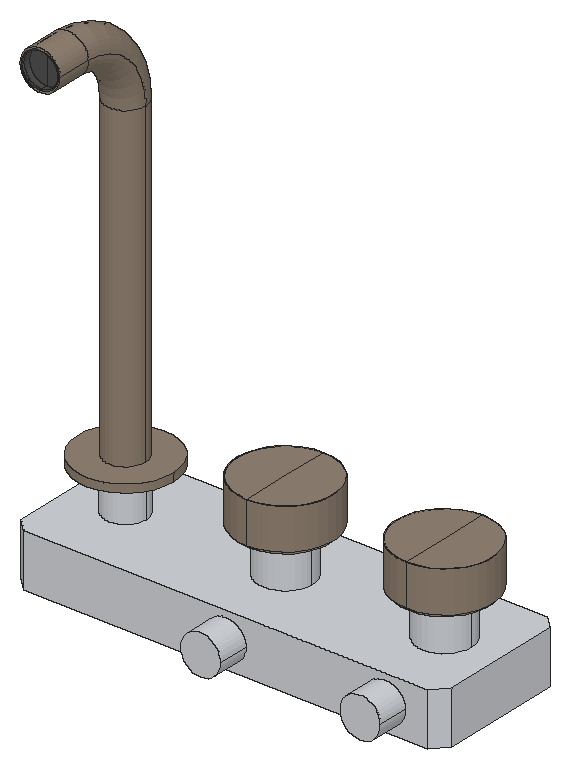
Revit family "Reece_Tap_Milli_Pure_Basin Tap Hostess System_250 mm_Cirque Texture", category Plumbing Fixtures, host Face, Revit 2018
Family settings
  Host = Face
  Round Connector Dimension = Use Diameter
  Part Type = Normal
  Cut with Voids When Loaded = No
  Shared = Yes
  Room Calculation Point = Yes
Parameters (values of type "PVD Brushed Bronze")
  WFU = 0  # constant formula
  URL = "https://www.reece.com.au/product/-9511066"
  Type Comments = "Tap"
  Reece_Tap_Reach = 250 mm  # constant formula
  Reece_Tap_Inlet = 15 mm  # constant formula
  Reece_Product_Web Page = "https://www.reece.com.au/product/-9511066"
  Reece_Product_Type = "Tap"  # constant formula
  Reece_Product_Sub Brand = "Pure"  # constant formula
  Reece_Product_Number = "9511066"
  Reece_Product_Mount = "Wall Mounted"
  Reece_Product_Description = "Milli Pure Wall Basin Hostess System 250mm Right Hand with Cirque Textured Handles PVD Brushed Bronze (3 Star)"
  Reece_Product_Brand = "Milli"  # constant formula
  Reece_Overall_Length = 262.5 mm  # constant formula
  Reece_Material_Secondary = Reece_PVD_Brushed Bronze_Cirque Pattern
  Reece_Material_Main = Reece_PVD_Brushed Bronze
  Reece_Detail_Tap_Handle Texture = "Cirque Texture\r\n"  # constant formula
  Reece_Detail_Installation = ""
  Reece_Detail_Disclaimer = "THIS FILE IS THE PROPERTY OF THE REECE GROUP. IT MAY NOT BE REPRODUCED, REVERSE-ENGINEERED OR MODIFIED. ANY REPUBLICATION, TRANSMISSION OR DISTRIBUTION FOR THE PURPOSE OF COMMERCIALLY EXPLOITING THE FILES IS PROHIBITED."  # constant formula
  Reece_Detail_Connector = ""
  Reece_Detail_Additional = "Basin Tap Hostess System\r\n"  # constant formula
  Reece_3D Texture = no
  Reece_3D Simplified Geometry = not(Reece_3D Texture)  # yes
  Model = "Pure"
  Manufacturer = "Milli"
  Keynote = "Product #9511066, Reece_Tap_Milli_Pure_Basin Tap Hostess System_250 mm_Cirque Texture - PVD Brushed Bronze"
  HWFU = 0  # constant formula
  Disclaimer = "THIS FILE IS THE PROPERTY OF THE REECE GROUP. IT MAY NOT BE REPRODUCED, REVERSE-ENGINEERED OR MODIFIED. ANY REPUBLICATION, TRANSMISSION OR DISTRIBUTION FOR THE PURPOSE OF COMMERCIALLY EXPLOITING THE FILES IS PROHIBITED."  # constant formula
  Description = "Milli Pure Wall Basin Hostess System 250mm Right Hand with Cirque Textured Handles PVD Brushed Bronze (3 Star)"
  Default Elevation = 1000 mm
  CWFU = 0  # constant formula
Types (6, lengths in mm): name | URL | Reece_Product_Web Page | Reece_Product_Number | Reece_Product_Description | Reece_Material_Secondary | Reece_Material_Main | Keynote | Description
  Brushed Gunmetal | "https://www.reece.com.au/product/-2224880" | "https://www.reece.com.au/product/-2224880" | "2224880" | "Milli Pure Wall Basin Hostess System 250mm Right Hand with Cirque Textured Handles Brushed Gunmetal (3 star)" | Reece_Brass_Brushed Gunmetal_Cirque Pattern | Reece_Brass_Brushed Gunmetal | "Product #2224880, Reece_Tap_Milli_Pure_Basin Tap Hostess System_250 mm_Cirque Texture - Brushed Gunmetal" | "Milli Pure Wall Basin Hostess System 250mm Right Hand with Cirque Textured Handles Brushed Gunmetal (3 star)"
  Chrome | "https://www.reece.com.au/product/-2224878" | "https://www.reece.com.au/product/-2224878" | "2224878" | "Milli Pure Wall Basin Hostess System 250mm Right Hand with Cirque Textured Handles Chrome (3 star)" | Reece_Brass_Chrome_Cirque Pattern | Reece_Brass_Chrome | "Product #2224878, Reece_Tap_Milli_Pure_Basin Tap Hostess System_250 mm_Cirque Texture - Chrome" | "Milli Pure Wall Basin Hostess System 250mm Right Hand with Cirque Textured Handles Chrome (3 star)"
  Matte Black | "https://www.reece.com.au/product/-2224881" | "https://www.reece.com.au/product/-2224881" | "2224881" | "Milli Pure Wall Basin Hostess System 250mm Right Hand with Cirque Textured Handles Matte Black (3 star)" | Reece_Brass_Matte Black_Cirque Pattern | Reece_Brass_Matte Black | "Product #2224881, Reece_Tap_Milli_Pure_Basin Tap Hostess System_250 mm_Cirque Texture - Matte Black" | "Milli Pure Wall Basin Hostess System 250mm Right Hand with Cirque Textured Handles Matte Black (3 star)"
  Brushed Nickel | "https://www.reece.com.au/product/-2224879" | "https://www.reece.com.au/product/-2224879" | "2224879" | "Milli Pure Wall Basin Hostess System 250mm Right Hand with Cirque Textured Handles Brushed Nickel (3 star)" | Reece_Brass_Brushed Nickel_Cirque Pattern | Reece_Brass_Brushed Nickel | "Product #2224879, Reece_Tap_Milli_Pure_Basin Tap Hostess System_250 mm_Cirque Texture - Brushed Nickel" | "Milli Pure Wall Basin Hostess System 250mm Right Hand with Cirque Textured Handles Brushed Nickel (3 star)"
  PVD Brushed Bronze | "https://www.reece.com.au/product/-9511066" | "https://www.reece.com.au/product/-9511066" | "9511066" | "Milli Pure Wall Basin Hostess System 250mm Right Hand with Cirque Textured Handles PVD Brushed Bronze (3 Star)" | Reece_PVD_Brushed Bronze_Cirque Pattern | Reece_PVD_Brushed Bronze | "Product #9511066, Reece_Tap_Milli_Pure_Basin Tap Hostess System_250 mm_Cirque Texture - PVD Brushed Bronze" | "Milli Pure Wall Basin Hostess System 250mm Right Hand with Cirque Textured Handles PVD Brushed Bronze (3 Star)"
  PVD Brushed Gold | "https://www.reece.com.au/product/-9510881" | "https://www.reece.com.au/product/-9510881" | "9510881" | "Milli Pure Wall Basin Hostess System 250mm Right Hand with Cirque Textured Handles PVD Brushed Gold (3 Star)" | Reece_PVD_Brushed Gold_Cirque Pattern | Reece_PVD_Brushed Gold | "Product #9510881, Reece_Tap_Milli_Pure_Basin Tap Hostess System_250 mm_Cirque Texture - PVD Brushed Gold" | "Milli Pure Wall Basin Hostess System 250mm Right Hand with Cirque Textured Handles PVD Brushed Gold (3 Star)"
Reference planes
  plane 1 "Center (Front/Back)": y = 0
  plane 2 "Bottom": z = 0
  plane 3 "Center (Left/Right)": x = 0
  plane 4 "Top": z = 262.5
  plane 5: z = 250
  plane 6: y = -67
  plane 7: x = -100
  plane 8: x = 100
Forms (mm)
  Extrusion 1, solid, material "Reece_PVD_Brushed Bronze" <- "Reece_Material_Main"
    sketch origin (-50, 0, 0) x (1, 0, 0) y (0, 1, 0)
      loop
        circle (-50, 0) r 30
    from 0 to 5
  Sweep 2, solid, material "Reece_PVD_Brushed Bronze" <- "Reece_Material_Main"
    path origin (0, 0, 0) x (0, 1, 0) y (0, 0, 1)
      loop
        line (-67, 250) -> (-45, 250)
        arc (-45, 250) -> (-13.18, 236.82) -> (0, 205) r 45
        line (0, 205) -> (0, 0)
    profile origin (0, 0, 102.5) x (1, 0, 0) y (0, 1, 0)
      loop
        circle (-100, 0) r 12.5
      loop
        circle (-100, 0) r 11.5
  Revolve 3, solid, material "Reece_Brass_Matte Black"
    sketch origin (-100, -183.21, 118.488) x (0, 0.572951, -0.81959) y (0, 0.81959, 0.572951)
      loop
        line (-38.39, 174.619) -> (-37.119, 176.437) -> (-46.38, 182.911) -> (-50.465, 177.068) -> (-49.461, 177.508) -> (-47.184, 180.766) -> (-38.39, 174.619)
      axis (-37.119, 176.437) -> (-41.203, 170.594)
    angle from 0 to 360
  Extrusion 4, solid
    sketch origin (-50, 0, 0) x (1, 0, 0) y (0, 1, 0)
      loop
        circle (50, 0) r 17
    from 0 to -27
  Extrusion 5, solid
    sketch origin (0, 0, 0) x (1, 0, 0) y (0, 1, 0)
      loop
        line (-126.853, 46.5) -> (-135, 38.353) -> (-135, -38.353) -> (-126.853, -46.5) -> (126.853, -46.5) -> (135, -38.353) -> (135, 38.353) -> (126.853, 46.5) -> (-126.853, 46.5)
    from -60 to -27
  Extrusion 6, solid
    sketch origin (-150, 0, 0) x (1, 0, 0) y (0, 1, 0)
      loop
        circle (50, 0) r 13
    from 0 to -27
  Extrusion 7, solid
    sketch origin (50, 0, -3.5) x (-1, 0, 0) y (0, 0, 1)
      loop
        circle (50, -40) r 12.5
    from -66.119 to -46.5
  Extrusion 8, solid
    sketch origin (150, 0, -3.5) x (-1, 0, 0) y (0, 0, 1)
      loop
        circle (50, -40) r 12.5
    from -66.119 to -46.5
  Extrusion 9, void
    sketch origin (-150, 0, 0) x (1, 0, 0) y (0, 1, 0)
      loop
        circle (50, 0) r 17
    from 0 to -30
  Extrusion 10, void
    sketch origin (50, 0, 0) x (-1, 0, 0) y (0, -1, 0)
      loop
        circle (50, 0) r 20
    from 0 to -27
  Extrusion 11, void
    sketch origin (150, 0, 0) x (-1, 0, 0) y (0, -1, 0)
      loop
        circle (50, 0) r 20
    from 0 to -27
  Extrusion 12, solid
    sketch origin (50, 0, 0) x (1, 0, 0) y (0, 1, 0)
      loop
        circle (50, 0) r 17
    from 0 to -27
Cuts and joins
  Extrusion 10 cuts Extrusion 1
  Extrusion 10 cuts Sweep 2
  joined: Extrusion 1, Sweep 2
  Extrusion 11 cuts Extrusion 4
  Extrusion 11 cuts Extrusion 5
  Extrusion 10, Extrusion 11 cuts Extrusion 6
  Extrusion 10, Extrusion 11 cuts Extrusion 7
  Extrusion 10, Extrusion 11 cuts Extrusion 8
  joined: Extrusion 4, Extrusion 5, Extrusion 6, Extrusion 7, Extrusion 8
Text (mm)
  text "Reece Copyright © 2018, Reece Ltd." at (-1073.432, -156.182, 0), in view "Ref. Level"
  text "Reece ©" at (44.384, 258.95, 192.345), in view "Reece Preview"
Dimensions and locks
  "Reece_Tap_Reach": plane 5 to plane 2 "Bottom"
  plane 1 "Center (Front/Back)" to plane 6 = 67 mm
  locked: plane 4 "Top" to plane 5 at 12.5
  "Reece_Overall_Length": plane 4 "Top" to plane 2 "Bottom"
  plane 7 to plane 3 "Center (Left/Right)" to plane 8 = 100 mm, 100 mm
  aligned and locked: plane 2 "Bottom" to host face
  aligned and locked: level to host face
  aligned and locked: host face to Extrusion 9
Automatic sketch dimensions
  host sketch curve to host sketch curve = 380.785 mm
  host sketch curve to host sketch curve = 317.421 mm
  plane 1 "Center (Front/Back)" to Extrusion 1 sketch curve = 0 mm
  Extrusion 1 sketch curve to plane 7 = 0 mm
  Sweep 2 sketch curve to plane 5 = 0 mm
  Sweep 2 sketch curve to plane 6 = 0 mm
  level to Sweep 2 sketch curve = 0 mm
  Sweep 2 sketch curve to plane 1 "Center (Front/Back)" = 0 mm
  Sweep 2 sketch curve to plane 6 = 22 mm
  Sweep 2 sketch curve to Sweep 2 sketch curve = 0 mm  (x2)
  profile plane to Sweep 2 sketch curve = 0 mm
  Sweep 2 sketch curve to plane 3 "Center (Left/Right)" = 100 mm
  Revolve 3 sketch curve to plane 5 = 0 mm  (x4)
  Revolve 3 sketch curve to plane 6 = 0 mm
  Revolve 3 sketch curve to plane 4 "Top" = 1.2 mm
  Revolve 3 sketch curve to Revolve 3 sketch curve = 1.003 mm
  Revolve 3 sketch curve to Revolve 3 sketch curve = 2.278 mm
  Revolve 3 sketch curve to Revolve 3 sketch curve = 0.803 mm
  Revolve 3 sketch curve to Revolve 3 sketch curve = 1.271 mm
  Revolve 3 sketch curve to Revolve 3 sketch curve = 17.422 mm
  Revolve 3 sketch curve to Revolve 3 sketch curve = 3.892 mm
  Extrusion 4 sketch curve to Extrusion 4 sketch curve = 0 mm  (x2)
  plane 1 "Center (Front/Back)" to Extrusion 4 sketch curve = 0 mm
  Extrusion 4 sketch curve to plane 3 "Center (Left/Right)" = 0 mm
  Extrusion 4 sketch curve to Extrusion 4 sketch curve = 17 mm
  Extrusion 5 sketch curve to plane 7 = 35 mm
  Extrusion 5 sketch curve to Extrusion 5 sketch curve = 8.147 mm  (x6)
  Extrusion 5 sketch curve to plane 8 = 26.853 mm  (x2)
  Extrusion 5 sketch curve to plane 6 = 20.5 mm
  Extrusion 5 sketch curve to plane 1 "Center (Front/Back)" = 38.353 mm  (x2)
  Extrusion 6 sketch curve to Extrusion 6 sketch curve = 0 mm  (x2)
  plane 1 "Center (Front/Back)" to Extrusion 6 sketch curve = 0 mm
  Extrusion 6 sketch curve to plane 7 = 0 mm
  Extrusion 6 sketch curve to plane 7 = 13 mm
  Extrusion 7 sketch curve to plane 3 "Center (Left/Right)" = 0 mm
  Extrusion 7 sketch curve to level = 43.5 mm
  plane 8 to Extrusion 8 sketch curve = 0 mm
  Extrusion 8 sketch curve to level = 43.5 mm
  Extrusion 9 sketch curve to Extrusion 9 sketch curve = 0 mm  (x2)
  plane 1 "Center (Front/Back)" to Extrusion 9 sketch curve = 0 mm
  Extrusion 9 sketch curve to plane 7 = 0 mm
  Extrusion 9 sketch curve to plane 7 = 17 mm
  Extrusion 10 sketch curve to Extrusion 10 sketch curve = 0 mm  (x2)
  plane 1 "Center (Front/Back)" to Extrusion 10 sketch curve = 0 mm
  Extrusion 10 sketch curve to plane 3 "Center (Left/Right)" = 0 mm
  Extrusion 10 sketch curve to plane 3 "Center (Left/Right)" = 20 mm
  Extrusion 11 sketch curve to Extrusion 11 sketch curve = 0 mm  (x2)
  plane 1 "Center (Front/Back)" to Extrusion 11 sketch curve = 0 mm
  Extrusion 11 sketch curve to plane 8 = 0 mm
  plane 8 to Extrusion 11 sketch curve = 20 mm
  Extrusion 12 sketch curve to Extrusion 12 sketch curve = 0 mm  (x2)
  plane 1 "Center (Front/Back)" to Extrusion 12 sketch curve = 0 mm
  Extrusion 12 sketch curve to plane 8 = 0 mm
  Extrusion 12 sketch curve to Extrusion 12 sketch curve = 17 mm
  radius of Extrusion 1 sketch curve = 30 mm
  radius of Sweep 2 sketch curve = 12.5 mm
  radius of Sweep 2 sketch curve = 11.5 mm
  radius of Extrusion 7 sketch curve = 12.5 mm
  radius of Extrusion 8 sketch curve = 12.5 mm
Nested families
  nested 1: "Reece_Tap_Milli_Pure_Cap_Cirque Texture_3D" at (0, 0, 0), visible <- "Reece_3D Texture", Reece_Material_Main <- "Reece_Material_Main", Reece_Material_Secondary <- "Reece_Material_Secondary", type "60mm x 28mm"
    with Reece_Material_Secondary Reece_PVD_Brushed Bronze_Cirque Pattern, Reece_Material_Main Reece_PVD_Brushed Bronze
  nested 2: "Reece_Tap_Milli_Pure_Cap_Main_2D" at (0, 0, 0), visible <- "Reece_3D Simplified Geometry", Reece_Material_Main <- "Reece_Material_Main", Reece_Material_Secondary <- "Reece_Material_Secondary", type "60mm x 28mm"
    with Reece_Material_Secondary Reece_PVD_Brushed Bronze_Cirque Pattern, Reece_Material_Main Reece_PVD_Brushed Bronze
  nested 3: "Reece_Tap_Milli_Pure_Cap_Cirque Texture_3D" at (100, 0, 0), visible <- "Reece_3D Texture", Reece_Material_Main <- "Reece_Material_Main", Reece_Material_Secondary <- "Reece_Material_Secondary", type "60mm x 28mm"
    with Reece_Material_Secondary Reece_PVD_Brushed Bronze_Cirque Pattern, Reece_Material_Main Reece_PVD_Brushed Bronze
  nested 4: "Reece_Tap_Milli_Pure_Cap_Main_2D" at (100, 0, 0), visible <- "Reece_3D Simplified Geometry", Reece_Material_Main <- "Reece_Material_Main", Reece_Material_Secondary <- "Reece_Material_Secondary", type "60mm x 28mm"
    with Reece_Material_Secondary Reece_PVD_Brushed Bronze_Cirque Pattern, Reece_Material_Main Reece_PVD_Brushed Bronze
Connectors
  piping at (0, -66.119, -43.5), diameter 15, driven by "Reece_Tap_Inlet"
    settings: on cut or joined group of Extrusion 4, Extrusion 5, Extrusion 6, Extrusion 7, Extrusion 8, Extrusion 10, Extrusion 11, index 1, connector inside diameter 609.6 mm, connector length 0 mm, flow factor 0, pipe flow 0.0 L/s, pressure drop 0.0 Pa, fitting loss kfactor 0, connector angle 0.00°, fixture units 0, engagement length 0 mm, angle of deflection 0.00°, flow configuration 0, flow direction 1, fitting loss method 0, system type 29, joint type 0, gender type 0, connector reference index -1, connector utility 0, adjustable connector no, is connector primary yes, connector description ""
  piping at (100, -66.119, -43.5), diameter 15, driven by "Reece_Tap_Inlet"
    settings: on cut or joined group of Extrusion 4, Extrusion 5, Extrusion 6, Extrusion 7, Extrusion 8, Extrusion 10, Extrusion 11, index 2, connector inside diameter 609.6 mm, connector length 0 mm, flow factor 0, pipe flow 0.0 L/s, pressure drop 0.0 Pa, fitting loss kfactor 0, connector angle 0.00°, fixture units 0, engagement length 0 mm, angle of deflection 0.00°, flow configuration 0, flow direction 1, fitting loss method 0, system type 29, joint type 0, gender type 0, connector reference index -1, connector utility 0, adjustable connector no, is connector primary no, connector description ""
Definition of nested family "Reece_Tap_Milli_Pure_Cap_Cirque Texture_3D"
  Parameters (values of type "62mm x 30mm")
    WFU = 0  # constant formula
    Reece_Overall_Length = 62 mm
    Reece_Overall_Height = 30 mm
    Reece_Material_Secondary [instance] = none
    Reece_Material_Main [instance] = none
    Reece_Detail_Installation = ""
    Reece_Detail_Connector = ""
    Reece_Detail_Additional = ""
    HWFU = 0  # constant formula
    Default Elevation = 1000 mm
    CWFU = 0  # constant formula
  Types (5, lengths in mm): name | Reece_Overall_Length | Reece_Overall_Height
    (no name) | 62 | 30
    54mm x 30mm | 54 | 30
    62mm x 30mm | 62 | 30
    60mm x 28mm | 60 | 28
    60mm x 26mm | 60 | 26
  Reference planes
    plane 1 "Center (Front/Back)": y = 0
    plane 2 "Bottom": z = 0
    plane 3 "Center (Left/Right)": x = 0
    plane 4: y = -31
    plane 5: y = 31
    plane 6: z = 30
    plane 7: y = 29
    plane 8: z = 28.097
  Forms (mm)
    Extrusion 1, solid
      sketch origin (619.2, -619.2, 0) x (1, 0, 0) y (0, 1, 0)
        loop
          line (-809.2, 779.2) -> (-809.2, 461.779) -> (-428.415, 461.779) -> (-428.415, 779.2) -> (-809.2, 779.2)
      from 0 to -9.564
    Revolve 2, solid, material <- "Reece_Material_Main"
      sketch origin (0, 0, -140.292) x (0, 1, 0) y (0, 0, 1)
        loop
          line (0, 170.292) -> (-31, 170.292) -> (-31, 168.388)
          arc (-31, 168.388) -> (-30.55, 167.938) -> (-31, 167.488) r 0.45
          line (-31, 167.488) -> (-31, 166.322)
          arc (-31, 166.322) -> (-30.55, 165.872) -> (-31, 165.422) r 0.45
          line (-31, 165.422) -> (-31, 164.503)
          arc (-31, 164.503) -> (-30.55, 164.053) -> (-31, 163.603) r 0.45
          line (-31, 163.603) -> (-31, 162.603)
          arc (-31, 162.603) -> (-30.55, 162.153) -> (-31, 161.703) r 0.45
          line (-31, 161.703) -> (-31, 160.703)
          arc (-31, 160.703) -> (-30.55, 160.253) -> (-31, 159.803) r 0.45
          line (-31, 159.803) -> (-31, 158.926)
          arc (-31, 158.926) -> (-30.55, 158.476) -> (-31, 158.026) r 0.45
          line (-31, 158.026) -> (-31, 156.891)
          arc (-31, 156.891) -> (-30.55, 156.441) -> (-31, 155.991) r 0.45
          line (-31, 155.991) -> (-31, 155.011)
          arc (-31, 155.011) -> (-30.55, 154.561) -> (-31, 154.111) r 0.45
          line (-31, 154.111) -> (-31, 153.103)
          arc (-31, 153.103) -> (-30.55, 152.653) -> (-31, 152.203) r 0.45
          line (-31, 152.203) -> (-31, 151.092)
          arc (-31, 151.092) -> (-30.55, 150.642) -> (-31, 150.192) r 0.45
          line (-31, 150.192) -> (-31, 149.192)
          arc (-31, 149.192) -> (-30.55, 148.742) -> (-31, 148.292) r 0.45
          line (-31, 148.292) -> (-31, 142.292) -> (-29, 142.292) -> (-29, 140.292) -> (-27, 140.292) -> (-27, 166.803) -> (0, 166.803) -> (0, 170.292)
        axis (0, 140.292) -> (0, 170.292)
      angle from 0 to 360
  Text (mm)
    text "Reece Copyright © 2018, Reece Ltd." at (-1403.988, -1192.393, 0), in view "Ref. Level"
    text "Reece ©" at (44.384, 258.95, 192.345), in view "Reece Preview"
  Dimensions and locks
    equal spacing: plane 5, plane 1 "Center (Front/Back)", plane 4
    "Reece_Overall_Length": plane 5 to plane 4
    "Reece_Overall_Height": plane 6 to plane 2 "Bottom"
    locked: plane 5 to plane 7 at 2
    locked: plane 8 to plane 6 at 1.903
    aligned and locked: plane 2 "Bottom" to Extrusion 1
    aligned and locked: level to Extrusion 1
    aligned and locked: plane 6 to Revolve 2 sketch curve  (x2)
    aligned and locked: plane 8 to Revolve 2 sketch curve
  Automatic sketch dimensions
    Extrusion 1 sketch curve to Extrusion 1 sketch curve = 380.785 mm
    Extrusion 1 sketch curve to Extrusion 1 sketch curve = 317.421 mm
    Revolve 2 sketch curve to plane 4 = 0 mm
    level to Revolve 2 sketch curve = 0 mm
    Revolve 2 sketch curve to plane 1 "Center (Front/Back)" = 0 mm  (x2)
    level to Revolve 2 sketch curve = 2 mm
    Revolve 2 sketch curve to Revolve 2 sketch curve = 0.45 mm  (x11)
    Revolve 2 sketch curve to Revolve 2 sketch curve = 1 mm  (x3)
    Revolve 2 sketch curve to Revolve 2 sketch curve = 1.111 mm
    Revolve 2 sketch curve to Revolve 2 sketch curve = 1.458 mm
    Revolve 2 sketch curve to Revolve 2 sketch curve = 0.979 mm
    Revolve 2 sketch curve to Revolve 2 sketch curve = 1.135 mm
    Revolve 2 sketch curve to Revolve 2 sketch curve = 0.877 mm
    Revolve 2 sketch curve to Revolve 2 sketch curve = 0.919 mm
    Revolve 2 sketch curve to plane 6 = 3.489 mm
    Revolve 2 sketch curve to Revolve 2 sketch curve = 1.166 mm
    Revolve 2 sketch curve to Revolve 2 sketch curve = 17.996 mm
    Revolve 2 sketch curve to Revolve 2 sketch curve = 3.712 mm
    plane 4 to Revolve 2 sketch curve = 2 mm
    plane 4 to Revolve 2 sketch curve = 4 mm
Definition of nested family "Reece_Tap_Milli_Pure_Cap_Main_2D"
  Parameters (values of type "62mm x 30mm")
    WFU = 0  # constant formula
    Reece_Overall_Width = 62 mm
    Reece_Overall_Height = 30 mm
    Reece_Material_Secondary [instance] = none
    Reece_Material_Main [instance] = none
    Reece_Detail_Installation = ""
    Reece_Detail_Connector = ""
    Reece_Detail_Additional = ""
    HWFU = 0  # constant formula
    Default Elevation = 1000 mm
    CWFU = 0  # constant formula
  Types (4, lengths in mm): name | Reece_Overall_Width | Reece_Overall_Height
    62mm x 30mm | 62 | 30
    60mm x 28mm | 60 | 28
    54mm x 30mm | 54 | 30
    60mm x 26mm | 60 | 26
  Reference planes
    plane 1 "Center (Front/Back)": y = 0
    plane 2 "Bottom": z = 0
    plane 3 "Center (Left/Right)": x = 0
    plane 4: y = -31
    plane 5: y = 31
    plane 6: z = 30
    plane 7: y = -29
    plane 8: y = 29
    plane 9: z = 16
    plane 10: z = 2
  Forms (mm)
    Extrusion 1, solid
      sketch origin (619.2, -619.2, 0) x (1, 0, 0) y (0, 1, 0)
        loop
          line (-809.2, 779.2) -> (-809.2, 461.779) -> (-428.415, 461.779) -> (-428.415, 779.2) -> (-809.2, 779.2)
      from 0 to -9.564
    Revolve 2, solid, material <- "Reece_Material_Secondary"
      sketch origin (0, 50, 0) x (0, -1, 0) y (0, 0, 1)
        loop
          line (50, 0) -> (79, 0) -> (79, 2) -> (81, 2) -> (81, 30) -> (79, 28) -> (50, 28) -> (50, 0)
        axis (50, 0) -> (50, 30)
      angle from 0 to 360
    Revolve 3, solid, material <- "Reece_Material_Main"
      sketch origin (0, 50, 0) x (0, -1, 0) y (0, 0, 1)
        loop
          line (81, 30) -> (50, 30) -> (50, 28) -> (79, 28) -> (81, 30)
        axis (50, 28) -> (50, 30)
      angle from 0 to 360
  Text (mm)
    text "Reece Copyright © 2018, Reece Ltd." at (-1403.988, -1192.393, 0), in view "Ref. Level"
    text "Reece ©" at (44.384, 258.95, 192.345), in view "Reece Preview"
  Dimensions and locks
    equal spacing: plane 5, plane 1 "Center (Front/Back)", plane 4
    "Reece_Overall_Width": plane 5 to plane 4
    "Reece_Overall_Height": plane 6 to plane 2 "Bottom"
    locked: plane 7 to plane 4 at 2
    locked: plane 5 to plane 8 at 2
    equal spacing: plane 6, plane 9, plane 10
    locked: plane 10 to plane 2 "Bottom" at 2
    aligned and locked: plane 2 "Bottom" to Extrusion 1
    aligned and locked: level to Extrusion 1
    aligned and locked: plane 7 to Revolve 2 sketch curve
  Automatic sketch dimensions
    Extrusion 1 sketch curve to Extrusion 1 sketch curve = 380.785 mm
    Extrusion 1 sketch curve to Extrusion 1 sketch curve = 317.421 mm
    Revolve 2 sketch curve to plane 1 "Center (Front/Back)" = 0 mm  (x2)
    Revolve 2 sketch curve to level = 0 mm
    Revolve 2 sketch curve to plane 7 = 0 mm
    Revolve 2 sketch curve to plane 4 = 0 mm
    Revolve 2 sketch curve to plane 6 = 0 mm  (x2)
    level to Revolve 2 sketch curve = 2 mm
    Revolve 2 sketch curve to plane 6 = 2 mm
    Revolve 2 sketch curve to Revolve 2 sketch curve = 10 mm
    Revolve 3 sketch curve to plane 1 "Center (Front/Back)" = 0 mm  (x2)
    Revolve 3 sketch curve to plane 7 = 0 mm
    Revolve 3 sketch curve to plane 4 = 0 mm
    Revolve 3 sketch curve to plane 6 = 0 mm  (x2)
    Revolve 3 sketch curve to plane 6 = 2 mm
    Revolve 3 sketch curve to Revolve 3 sketch curve = 10 mm
